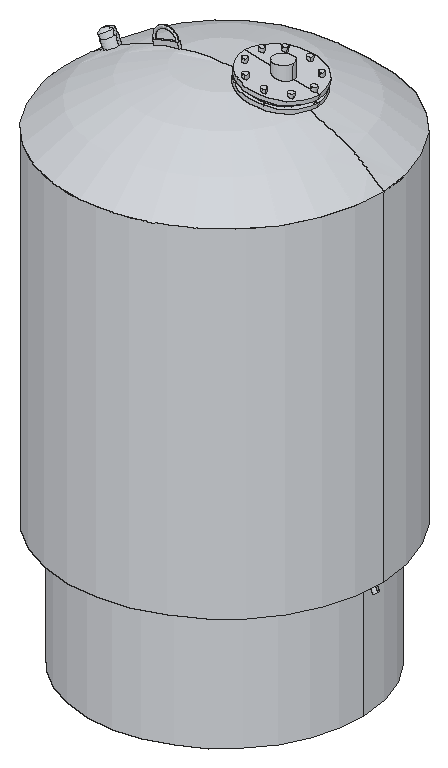
Revit family "TXA-1600", category Mechanical Equipment, Revit 2014
Parameters (values of type "TXA-1600")
  VoidLength = 7 1/2"
  URL = "http://westank.com/"
  TankVolume = "422 Gallons"
  SystemConnectionAngle = 50.00°
  PartNumber = "20011600"
  OuterRadius = 15"
  Model = "TXA-1600"
  MaximumOperatingTemperature = "240°F"
  MaximumOperatingPressure = "150 PSIG"
  Manufacturer = "Wessels Company"
  InnerRadius = 14.766"
  InnerCircleDiameter = F - 3" / 4  # 41 1/4"
  HandleAngle = 120.00°
  G = 9"
  F = 42"
  E = 9"
  DrainAngle = 63.00°
  C = 3"
  BottomOfTheCylinder = 6.11811"
  B = 84.00268"
  ApproximateShipmentWeight = "1395 lbs"
  Angle = 35.00°
  A = 48"
Reference planes (in)
  plane 1 "Center (Front/Back)": y = 0
  plane 2: z = 0
  plane 3 "Center (Left/Right)": x = 0
  plane 4: x = -24
  plane 5: y = 1.9685
  plane 6: y = -1.9685
  plane 7: z = 84.00268
  plane 8: x = 24
  plane 9: y = 0.15626
  plane 10: y = -0.15626
  plane 11: x = 18
  plane 12: x = -21
  plane 13: x = 21
  plane 14: y = 0
  plane 15: y = 8.22887
  plane 16: y = -8.22887
  plane 17: through (0.00466, -180, 75.19677) normal (-0.9999, 0, -0.0139)
  plane 18: z = 69.58894
  plane 19: x = 7.5
  plane 20: x = 10.5
  plane 21: z = 80.36496
  plane 22: z = 70.089
  plane 23: z = 69.08887
  plane 24: x = 9
  plane 25: z = 9
  plane 26: through (20.89174, -180, 18.04131) normal (-0.4384, 0, 0.8988)
Forms (in)
  Revolve 1, solid
    sketch origin (0, 0, -5.12538) x (1, 0, 0) y (0, 0, 1)
      loop
        arc (0, 85.49533) -> (-12.91965, 83.62043) -> (-24, 76.71693) r 31.83025
        line (-24, 76.71693) -> (-24, 24.24872)
        arc (-24, 24.24872) -> (-12.32539, 20.18585) -> (0, 19.24344) r 47.93669
        line (0, 19.24344) -> (0, 85.49533)
      axis (0, 85.49533) -> (0, 19.24344)
    angle from 0 to 360
  Extrusion 2, solid
    sketch origin (0, 0, 0) x (1, 0, 0) y (0, 1, 0)
      loop
        circle (0, 0) r 21
      loop
        circle (0, 0) r 20.625
    from 23.9509 to 0
  Revolve 3, solid
    sketch origin (-16.88545, 0, 72.19637) x (-0.45399, 0, 0.891007) y (-0.891007, 0, -0.45399)
      loop
        line (3.78601, -2.18713) -> (3.78601, -3.27553) -> (5.29242, -3.27553) -> (5.29242, -3.24256) -> (6.10055, -3.24256)
        arc (6.10055, -3.24256) -> (6.44579, -2.77117) -> (6.46271, -2.18713) r 0.9835
        line (6.46271, -2.18713) -> (3.78601, -2.18713)
      axis (3.78601, -2.18713) -> (6.46271, -2.18713)
    angle from 0 to 360
  Sweep 4, solid
    path origin (-0.92901, 0, 74.91925) x (-0.214608, 0, 0.9767) y (-0.9767, 0, -0.214608)
      loop
        arc (7.0957, 8.17272) -> (8.8457, 6.42272) -> (7.0957, 4.67272) r 1.75
    profile origin (-9.10045, 0, 82.18047) x (-0.214608, 0, 0.9767) y (0, -1, 0)
      loop
        circle (0, 0) r 0.15625
  Extrusion 5, solid
    sketch origin (0.1172, 0, 70.15784) x (-0.214608, 0, 0.9767) y (-0.9767, 0, -0.214608)
      loop
        line (11.9707, 8.32833) -> (10.99372, 8.32833) -> (10.99372, 4.51322) -> (11.9707, 4.51322) -> (11.9707, 8.32833)
    from 0.15626 to -0.15626
  Sweep 6, solid
    path origin (-12.625, 0, 62.08927) x (-1, 0, 0) y (0, 0, -1)
      loop
        arc (12.10198, 16.24994) -> (13.85198, 14.49994) -> (12.10198, 12.74994) r 1.75
    profile origin (-26.47698, 0, 47.58934) x (-1, 0, 0) y (0, -1, 0)
      loop
        circle (0, 0) r 0.15625
  Extrusion 7, solid
    sketch origin (-7.75, 0, 62.08927) x (-1, 0, 0) y (0, 0, -1)
      loop
        line (16.97698, 16.40554) -> (16, 16.40554) -> (16, 12.59043) -> (16.97698, 12.59043) -> (16.97698, 16.40554)
    from 0.15626 to -0.15626
  Extrusion 8, solid
    sketch origin (0, 0, 0) x (0, 1, 0) y (0, 0, 1)
      loop
        circle (0, 69.58894) r 0.5
    from -23.66872 to -25.60768
  Revolve 9, solid
    sketch origin (12.06985, 0, 68.23123) x (0.173648, 0, 0.984808) y (-0.984808, 0, 0.173648)
      loop
        line (13.18144, 5.76928) -> (9.44128, 5.76928) -> (9.44128, 2.63548)
        arc (9.44128, 2.63548) -> (10.42553, 2.86091) -> (11.40978, 2.63548) r 2.26145
        line (11.40978, 2.63548) -> (11.40978, 0.03486) -> (12.00033, 0.03486) -> (12.00033, 0.65115) -> (12.59089, 0.65115) -> (12.59089, 0.03486) -> (13.18144, 0.03486) -> (13.18144, 5.76928)
      axis (9.44128, 5.76928) -> (13.18144, 5.76928)
    angle from 0 to 360
  Extrusion 10, solid
    sketch origin (9.63816, -2.56268, 81.91684) x (0.984816, 0, -0.173601) y (-0.000004, 1, -0.000023)
      loop
        circle (-3.74768, 6.40672) r 0.3937
    from 0.59055 to -2.11745
  Extrusion 11, solid
    sketch origin (7.74155, -2.64003, 82.2515) x (0.747465, -0.651106, -0.131749) y (0.64121, 0.758987, -0.113087)
      loop
        circle (-3.74768, 6.40672) r 0.3937
    from 0.59055 to -2.11248
  Extrusion 12, solid
    sketch origin (6.25242, -1.44481, 82.51426) x (0.14982, -0.988362, -0.026369) y (0.973342, 0.152123, -0.171651)
      loop
        circle (-3.74768, 6.40672) r 0.3937
    from 0.59055 to -2.10562
  Extrusion 13, solid
    sketch origin (5.88802, 0.44684, 82.57908) x (-0.520037, -0.849202, 0.091745) y (0.836297, -0.528068, -0.147486)
      loop
        circle (-3.74768, 6.40672) r 0.3937
    from 0.59055 to -2.11832
  Extrusion 14, solid
    sketch origin (6.82492, 2.1231, 82.41388) x (-0.93922, -0.300705, 0.165659) y (0.296133, -0.953717, -0.05224)
      loop
        circle (-3.74768, 6.40672) r 0.3937
    from 0.59055 to -2.10775
  Extrusion 15, solid
    sketch origin (8.61089, 2.77597, 82.09904) x (-0.90567, 0.392739, 0.159743) y (-0.386777, -0.91965, 0.068175)
      loop
        circle (-3.74768, 6.40672) r 0.3937
    from 0.59055 to -2.10608
  Extrusion 16, solid
    sketch origin (10.38507, 2.09076, 81.78622) x (-0.43556, 0.896873, 0.07685) y (-0.883252, -0.442288, 0.155717)
      loop
        circle (-3.74768, 6.40672) r 0.3937
    from 0.59055 to -2.11652
  Extrusion 17, solid
    sketch origin (11.29277, 0.39774, 81.62474) x (0.244505, 0.968691, -0.043064) y (-0.953979, 0.248268, 0.168188)
      loop
        circle (-3.74768, 6.40672) r 0.3937
    from 0.59055 to -2.10776
  Extrusion 18, solid
    sketch origin (10.89564, -1.48699, 81.69491) x (0.806716, 0.573576, -0.142197) y (-0.564866, 0.819153, 0.099577)
      loop
        circle (-3.74768, 6.40672) r 0.3937
    from 0.59055 to -2.10712
  Extrusion 19, solid
    sketch origin (9.99595, 0, 102.96853) x (1, 0, 0) y (0, 1, 0)
      loop
        circle (-1.14174, 0) r 1.5
    from -21.98349 to -18.96585
Cuts and joins
  joined: Revolve 1, Extrusion 2, Revolve 3, Extrusion 5, Extrusion 7, Revolve 9
Dimensions and locks (in)
  equal spacing: plane 5, plane 1 "Center (Front/Back)", plane 6
  "B": plane 7 to level
  equal spacing: plane 8, plane 3 "Center (Left/Right)", plane 4
  "A": plane 8 to plane 4
  plane 9 to plane 10 = 0.31252"
  equal spacing: plane 13, plane 3 "Center (Left/Right)", plane 12
  "F": plane 13 to plane 12
  locked: Revolve 3 sketch curve to Revolve 3 sketch curve at 0.03297
  equal spacing: plane 15, plane 14, plane 16
  Revolve 1 to plane 18 = 2.00261"
  locked: Extrusion 8 sketch curve to plane 14 at 0
  locked: Extrusion 8 sketch curve to plane 18
  locked: Revolve 9 sketch curve to Revolve 9 sketch curve at 0.59055  (x3)
  locked: Revolve 9 sketch curve to Revolve 9 sketch curve at 1.9685
  locked: Extrusion 19 sketch curve to plane 1 "Center (Front/Back)" at 0
  plane 20 to plane 19 = 3"
  plane 7 to plane 21 = 3.63772"
  locked: plane 7 to Revolve 1 sketch curve at 12.41113
  equal spacing: plane 22, plane 18, plane 23
  Revolve 1 to plane 22 = 1.50255"
  plane 22 to plane 23 = 1.00013"
  "E": plane 24 to plane 3 "Center (Left/Right)"
  "G": plane 25 to level
  "C": diameter of Extrusion 19 sketch curve
  "F": diameter of Extrusion 2 sketch curve
  "InnerCircleDiameter": diameter of Extrusion 2 sketch curve
  aligned and locked: level to plane 2
  aligned and locked: plane 4 to Revolve 1 sketch curve
  aligned and locked: Revolve 3 sketch curve to Revolve 3 sketch curve
  aligned and locked: Extrusion 5 sketch curve to Sweep 4
  aligned and locked: Extrusion 5 to plane 10
  aligned and locked: plane 9 to Extrusion 5
  aligned and locked: Extrusion 7 sketch curve to Sweep 6
  aligned and locked: Revolve 9 sketch curve to Revolve 9 sketch curve
  aligned and locked: Extrusion 2 to level
  aligned and locked: plane 7 to Extrusion 19
  aligned and locked: plane 14 to nested 1
Automatic sketch dimensions
  Revolve 1 sketch curve to plane 3 "Center (Left/Right)" = 0"  (x2)
  Revolve 1 sketch curve to plane 3 "Center (Left/Right)" = 2.5386"
  Revolve 1 sketch curve to plane 3 "Center (Left/Right)" = 1.98565"
  Revolve 1 sketch curve to Revolve 1 sketch curve = 5.00528"
  Revolve 1 sketch curve to Revolve 1 sketch curve = 10.21462"
  Sweep 6 sketch curve to plane 4 = 0.72698"
  Sweep 6 sketch curve to Sweep 6 sketch curve = 1 3/4"
  Sweep 6 sketch curve to profile plane = 0"
  profile plane to Sweep 6 sketch curve = 0"
  plane 4 to Extrusion 7 sketch curve = 1/4"
  Extrusion 7 sketch curve to Extrusion 7 sketch curve = 3.81511"
  plane 18 to Revolve 1 sketch curve = 0.0062"
  plane 18 to Sweep 6 sketch curve = 21.9996"
  plane 18 to Extrusion 7 sketch curve = 20.0901"
  Revolve 1 sketch curve to Revolve 1 sketch curve = 13.38579"
  plane 23 to Revolve 1 sketch curve = 7.10139"
  Extrusion 2 sketch curve to Extrusion 2 sketch curve = 0"  (x2)
  plane 1 "Center (Front/Back)" to Extrusion 2 sketch curve = 0"
  Extrusion 2 sketch curve to plane 3 "Center (Left/Right)" = 0"
  plane 12 to Revolve 3 sketch curve = 4.34448"
  Revolve 3 sketch curve to plane 22 = 6.47367"
  Revolve 3 sketch curve to Revolve 3 sketch curve = 1.5064"
  Revolve 3 sketch curve to Revolve 3 sketch curve = 0"
  Revolve 3 sketch curve to Revolve 3 sketch curve = 0.22312"
  Revolve 3 sketch curve to Revolve 3 sketch curve = 0.80814"
  Revolve 3 sketch curve to Revolve 3 sketch curve = 0.94717"
  Revolve 3 sketch curve to Revolve 3 sketch curve = 0.26484"
  Revolve 3 sketch curve to Revolve 3 sketch curve = 5.44847"
  Revolve 3 sketch curve to Revolve 3 sketch curve = 0.07201"
  plane 19 to Revolve 9 sketch curve = 0.52768"
  Revolve 9 sketch curve to plane 7 = 5.47177"
  Revolve 9 sketch curve to Revolve 9 sketch curve = 0.98425"
  Revolve 9 sketch curve to Revolve 9 sketch curve = 3.1338"
  Revolve 9 sketch curve to Revolve 9 sketch curve = 1.98434"
  Revolve 9 sketch curve to Revolve 9 sketch curve = 0.05169"
  Revolve 9 sketch curve to Revolve 9 sketch curve = 0.61629"
  Revolve 9 sketch curve to Revolve 9 sketch curve = 19.38704"
  Revolve 9 sketch curve to Revolve 9 sketch curve = 0.1272"
  Revolve 9 sketch curve to Revolve 9 sketch curve = 0"
  Extrusion 19 sketch curve to plane 24 = 0.14579"
  Sweep 4 sketch curve to plane 7 = 3.53143"
  plane 17 to Sweep 4 sketch curve = 8.65556"
  Sweep 4 sketch curve to Sweep 4 sketch curve = 1 3/4"
  Sweep 4 sketch curve to profile plane = 0"
  profile plane to Sweep 4 sketch curve = 0"
  Extrusion 5 sketch curve to Extrusion 5 sketch curve = 0.97698"
  Extrusion 5 sketch curve to plane 7 = 3.12163"
  Extrusion 5 sketch curve to Extrusion 5 sketch curve = 3.81511"
  radius of Sweep 6 sketch curve = 5/32"
  radius of Extrusion 8 sketch curve = 1/2"
  radius of Extrusion 10 sketch curve = 0.3937"
  radius of Extrusion 11 sketch curve = 0.3937"
  radius of Extrusion 12 sketch curve = 0.3937"
  radius of Extrusion 13 sketch curve = 0.3937"
  radius of Extrusion 14 sketch curve = 0.3937"
  radius of Extrusion 15 sketch curve = 0.3937"
  radius of Extrusion 16 sketch curve = 0.3937"
  radius of Extrusion 17 sketch curve = 0.3937"
  radius of Extrusion 18 sketch curve = 0.3937"
  radius of Sweep 4 sketch curve = 5/32"
Nested families (in)
  nested 1: "BottomExtrusion" at (22.06278, 0, 18.61247) x (-0.8988, 0, -0.4384) z (-0.4384, 0, 0.8988), type "BottomExtrusion"
    with ExtrusionHeight 1.56584", EctrusionWidth 3/4"
Connectors (in)
  piping at (8.85421, 0, 84.00268), diameter 3, driven by "C"
    settings: on Extrusion 19, index 1, connector inside diameter 24", connector length 0", flow factor 0, pipe flow 0 GPM, pressure drop 0.00 psi, fitting loss kfactor 0, connector angle 0.00°, fixture units 0, engagement length 0", angle of deflection 0.00°, flow configuration 0, flow direction 0, fitting loss method 0, system type 7, joint type 0, gender type 0, connector reference index -1, connector utility 0, adjustable connector no, is connector primary yes, connector description ""
Definition of nested family "BottomExtrusion"
  Parameters (values of type "BottomExtrusion")
    ExtrusionHeight [instance] = 1.56584"
    EctrusionWidth [instance] = 3/4"
    Default Elevation = 48"
  Reference planes (in)
    plane 1 "Center (Front/Back)": y = 0
    plane 2: z = 0
    plane 3 "Center (Left/Right)": x = 0
    plane 4: x = -0.375
    plane 5: x = 0.375
    plane 6: z = 0.62834
    plane 7: z = -1.56584
  Forms (in)
    Extrusion 1, solid
      sketch origin (0, 0, 0) x (1, 0, 0) y (0, 1, 0)
        loop
          line (-48, 48) -> (-48, -48) -> (48, -48) -> (48, 48) -> (-48, 48)
      from 0 to -12
    Revolve 2, solid
      sketch origin (0, 0, 0) x (1, 0, 0) y (0, 0, 1)
        loop
          line (0, 0.62834) -> (0, -1.56584) -> (0.375, -1.56584) -> (0.375, 0.62834) -> (0, 0.62834)
        axis (0, 0.62834) -> (0, -1.56584)
      angle from 0 to 360
  Dimensions and locks (in)
    equal spacing: plane 5, plane 3 "Center (Left/Right)", plane 4
    "EctrusionWidth": plane 5 to plane 4
    "ExtrusionHeight": plane 2 to plane 7
    aligned and locked: plane 2 to Extrusion 1
    aligned and locked: level to Extrusion 1
    aligned and locked: Revolve 2 sketch curve to plane 3 "Center (Left/Right)"
    aligned and locked: Revolve 2 sketch curve to plane 6
    aligned and locked: plane 7 to Revolve 2 sketch curve
  Automatic sketch dimensions
    Extrusion 1 sketch curve to Extrusion 1 sketch curve = 96"  (x2)
    Revolve 2 sketch curve to plane 3 "Center (Left/Right)" = 0"
    Revolve 2 sketch curve to plane 5 = 0"
    Revolve 2 sketch curve to Revolve 2 sketch curve = 23.28881"
    Revolve 2 sketch curve to Revolve 2 sketch curve = 101.27798"
